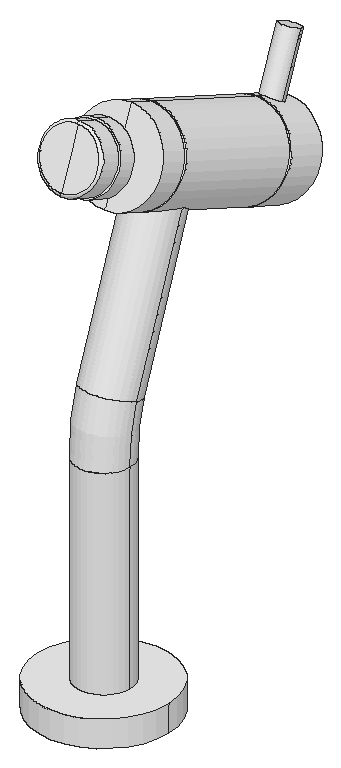
Revit family "Deca_Torneira Cozinha Link_1159.C.LNK_ Bica Móvel Curta Parede", category Plumbing Fixtures, host Face, Revit 2010
Parameters (values of type "1159.C.LNK_Cromado CR10")
  WFU = 0
  Vendido Separadamente = ""
  Variações de COR = "Cromado (1159.C.LNK)."  # constant formula
  URL = "www.deca.com.br/produtos"
  Torneira = Deca CR10 Cromado Metal
  Segmento = "Competitivo"  # constant formula
  Raio Água Fria = 7.5 mm  # constant formula
  Produto = "Torneira Cozinha bica móvel curta Parede"  # constant formula
  Pressão = "2 A 40 mca"  # constant formula
  Peso Liquido (Kg) = 0.62
  Norma = "ABNT NBR 10281: 2003"  # constant formula
  Model = Código  # "1159.C.LNK"
  Max-Min [instance] = if(Altura de instalação 170 a 220mm > 220 mm, 220 mm, if(Altura de instalação 170 a 220mm < 170 mm, 170 mm, Altura de instalação 170 a 220mm))  # 220 mm
  Material = "Deca_Latão Cromado e Plástico de Engenharia"  # constant formula
  Manufacturer = "Deca"  # constant formula
  Louça/Metais = "Metal"  # constant formula
  Linha = "Link"  # constant formula
  Informações Complementares = "Mecanismo: 1/4 de volta"  # constant formula
  HWFU = 0
  Flow Pressure = 0.00 psi
  Diâmetro Água Fria = Raio Água Fria * 2  # 15 mm
  Description = "Torneira Cozinha parede"  # constant formula
  Default Elevation = 800 mm
  Código = "1159.C.LNK"  # constant formula
  Criado por = "Contino/quattroD"  # constant formula
  Consumo = "Varia com a pressão"  # constant formula
  CWFU = 0
  Atendimento ao Cliente = "0800-011-7073"  # constant formula
  Assembly Code = "D2020"
  Aprovado por = "Contino/quattroD"  # constant formula
  Altura de instalação 170 a 220mm [instance] = 250 mm
  Acompanha o Produto = ""
Reference planes
  plane 1 "Center (Front/Back)": y = -124.292
  plane 2: z = 0
  plane 3 "Center (Left/Right)": x = -1.348
  plane 4 "Left 1": x = -26.501
  plane 5 "Right 1": x = 23.825
  plane 6 "Top 1": y = 95.708
  plane 7 "Top 2": y = 189.533
  plane 8 "Front 1": z = 208.002
Dimensions and locks
  plane 4 "Left 1" to plane 5 "Right 1" = 50.326 mm  (x2)
  "Max-Min": plane 6 "Top 1" to plane 1 "Center (Front/Back)"
  plane 7 "Top 2" to plane 6 "Top 1" = 93.824 mm
  plane 8 "Front 1" to plane 2 = 208.002 mm  (x2)
  plane 1 "Center (Front/Back)" to plane 6 "Top 1" = 220 mm
  plane 6 "Top 1" to plane 7 "Top 2" = 93.824 mm
  aligned and locked: host face to plane 2
  aligned and locked: level to host face
  aligned and locked: nested 1 to plane 6 "Top 1"
Automatic sketch dimensions
  host sketch curve to host sketch curve = 201.533 mm
  host sketch curve to host sketch curve = 468.211 mm
Nested families
  nested 1: "Deca_Shared_Torneira Cozinha Link_1159.C.LNK_ Bica Móvel Curta Parede" at (-1.348, 97.427, 0), Misturador <- "Torneira", type "1159.C.LNK_Cromado CR10"
    with Misturador Deca CR10 Cromado Metal
Connectors
  piping at (-1.348, 95.708, 0), driven by "Raio Água Fria", driven by "Flow Pressure", driven by "CWFU"
    settings: on nested 1, index 1, connector radius 0.29528", flow factor 0, pipe flow 0 GPM, pressure drop 0.00 psi, fitting loss kfactor 0, connector angle 0.00°, fixture units 0, engagement length 0 mm, flow configuration 3, flow direction 1, fitting loss method 4, system type 20, joint type 0, gender type 0, connector reference index -1, connector utility 0, adjustable connector no, is connector primary yes, fitting loss table "", connector description ""
Definition of nested family "Deca_Shared_Torneira Cozinha Link_1159.C.LNK_ Bica Móvel Curta Parede"
  Parameters (values of type "1159.C.LNK_Cromado CR10")
    URL = ""
    Type Comments = ""
    Model = ""
    Misturador [instance] = none
    Manufacturer = ""
    Description = ""
    Assembly Code = ""
  Reference planes
    plane 1 "Center (Front/Back)": y = -1.719
    plane 2: z = 0
    plane 3 "Center (Left/Right)": x = 0
    plane 4 "Front 1": z = 208.032
    plane 5 "Right 1": x = 17.118
    plane 6 "Left 1": x = -17.118
    plane 7 "Top 1": y = 92.064
  Forms (mm)
    Extrusion 1, solid, material <- "Misturador"
      sketch origin (0, -1.719, 0) x (1, 0, 0) y (0, 1, 0)
        loop
          circle (0, 0) r 25.173
      from 0 to 10.14
    Revolve 2, solid, material <- "Misturador"
      sketch origin (0, -1.375, -0.041) x (0, 1, 0) y (0, 0, 1)
        loop
          line (12.956, 203.508) -> (8.604, 192.736) -> (7.473, 192.208)
          arc (7.473, 192.208) -> (6.828, 192.029) -> (6.169, 192.14) r 1.545
          line (6.169, 192.14) -> (4.585, 192.779)
          arc (4.585, 192.779) -> (3.967, 193.245) -> (3.665, 193.957) r 1.494
          line (3.665, 193.957) -> (2.394, 203.001) -> (-3.677, 205.454) -> (-4.206, 204.147) -> (-4.931, 204.44) -> (-4.629, 205.187) -> (-11.583, 207.997)
          arc (-11.583, 207.997) -> (-12.194, 207.81) -> (-12.596, 207.313) r 1.093
          line (-12.596, 207.313) -> (-16.743, 197.05) -> (82.664, 156.891) -> (89.075, 172.759) -> (74.476, 178.657) -> (69.756, 166.972) -> (68.635, 167.425) -> (73.356, 179.109) -> (23.879, 199.097) -> (21.699, 193.702) -> (20.486, 194.192) -> (22.665, 199.586) -> (12.956, 203.508)
        axis (82.663, 156.888) -> (-16.744, 197.047)
      angle from 0 to 360
    Sweep 3, solid, material <- "Misturador"
      path origin (0, -1.719, 0) x (0, 1, 0) y (0, 0, 1)
        loop
          line (0, 10.14) -> (0, 86.742)
          arc (0, 86.742) -> (0.815, 97.525) -> (3.24, 108.064) r 71.774
          line (3.24, 108.064) -> (25.322, 165.588)
      profile origin (0, -1.719, 48.441) x (0, -1, 0) y (1, 0, 0)
        loop
          circle (0, 0) r 10.283
    Extrusion 4, solid, material <- "Misturador"
      sketch origin (0, 79.251, 200.504) x (0, -0.927184, 0.374607) y (1, 0, 0)
        loop
          circle (-9.913, 0) r 4.012
      from -23.38 to -0.149
  Lines and regions (mm)
    Masking region 1
      outline origin (0, 0, 0) x (1, 0, 0) y (0, 1, 0)
        loop
          line (17.108, 16.747) -> (17.108, 64.939)
          arc (17.108, 64.939) -> (17.111, 65.346) -> (17.023, 65.743) r 1.814
          arc (17.023, 65.743) -> (17.12, 66.365) -> (17.118, 66.995) r 3.994
          line (17.118, 66.995) -> (17.118, 81.342)
          arc (17.118, 81.342) -> (15.671, 83.309) -> (13.704, 84.755) r 8.094
          arc (13.704, 84.755) -> (8.947, 86.392) -> (3.977, 87.181) r 28.955
          line (3.977, 87.181) -> (3.977, 88.355)
          arc (3.977, 88.355) -> (2.721, 90.995) -> (0, 92.064) r 3.978
          arc (0, 92.064) -> (-2.721, 90.995) -> (-3.977, 88.355) r 3.978
          line (-3.977, 88.355) -> (-3.977, 87.181)
          arc (-3.977, 87.181) -> (-8.947, 86.392) -> (-13.704, 84.755) r 28.955
          arc (-13.704, 84.755) -> (-15.671, 83.309) -> (-17.118, 81.342) r 8.094
          line (-17.118, 81.342) -> (-17.118, 66.995)
          arc (-17.118, 66.995) -> (-17.12, 66.365) -> (-17.023, 65.743) r 3.994
          arc (-17.023, 65.743) -> (-17.111, 65.346) -> (-17.108, 64.939) r 1.814
          line (-17.108, 64.939) -> (-17.108, 16.747)
          arc (-17.108, 16.747) -> (0, -26.891) -> (17.108, 16.747) r 25.173
    Masking region 2
      outline origin (0, -1.719, 0) x (1, 0, 0) y (0, 0, 1)
        loop
          line (0, 0) -> (25.173, 0) -> (25.173, 10.14) -> (10.396, 10.14) -> (10.396, 144.28)
          arc (10.396, 144.28) -> (14.58, 148.821) -> (17.118, 154.451) r 19.323
          line (17.118, 154.451) -> (17.118, 187.613)
          arc (17.118, 187.613) -> (15.719, 194.013) -> (11.779, 199.246) r 15.344
          arc (11.779, 199.246) -> (7.417, 205.687) -> (0, 208.032) r 11.841
          arc (0, 208.032) -> (-7.417, 205.687) -> (-11.779, 199.246) r 11.841
          arc (-11.779, 199.246) -> (-15.719, 194.013) -> (-17.118, 187.613) r 15.344
          line (-17.118, 187.613) -> (-17.118, 154.451)
          arc (-17.118, 154.451) -> (-14.58, 148.821) -> (-10.396, 144.28) r 19.323
          line (-10.396, 144.28) -> (-10.396, 10.14) -> (-25.173, 10.14) -> (-25.173, 0) -> (0, 0)
    Masking region 3
      outline origin (0, 0, 0) x (0, 1, 0) y (0, 0, 1)
        loop
          line (23.454, 0) -> (23.454, 10.14) -> (8.678, 10.14) -> (8.678, 86.594)
          arc (8.678, 86.594) -> (9.942, 99.179) -> (13.547, 111.303) r 67.049
          line (13.547, 111.303) -> (32.402, 158.037) -> (58.813, 147.367) -> (63.528, 159.037) -> (64.649, 158.584) -> (59.934, 146.914) -> (74.532, 141.016) -> (87.356, 172.759) -> (83.563, 174.292) -> (92.043, 195.281) -> (84.667, 198.261) -> (76.187, 177.271) -> (72.8, 178.64) -> (68.073, 166.94) -> (66.91, 167.41) -> (71.637, 179.109) -> (22.164, 199.096) -> (19.943, 193.605) -> (18.726, 194.096) -> (20.949, 199.592) -> (11.233, 203.512) -> (6.882, 192.728) -> (5.762, 192.217)
          arc (5.762, 192.217) -> (5.119, 192.027) -> (4.458, 192.134) r 1.509
          line (4.458, 192.134) -> (2.871, 192.775)
          arc (2.871, 192.775) -> (2.251, 193.24) -> (1.944, 193.952) r 1.509
          line (1.944, 193.952) -> (0.674, 202.998) -> (-5.396, 205.454) -> (-5.937, 204.118) -> (-6.071, 205.076) -> (-13.206, 207.958)
          arc (-13.206, 207.958) -> (-13.871, 207.826) -> (-14.315, 207.313) r 1.046
          line (-14.315, 207.313) -> (-22.608, 186.786)
          arc (-22.608, 186.786) -> (-22.672, 186.154) -> (-22.367, 185.596) r 1.072
          line (-22.367, 185.596) -> (-15.119, 182.668) -> (-14.364, 183.258) -> (-14.901, 181.928) -> (-8.829, 179.478) -> (-1.631, 185.103)
          arc (-1.631, 185.103) -> (-0.916, 185.402) -> (-0.146, 185.306) r 1.509
          line (-0.146, 185.306) -> (1.44, 184.665)
          arc (1.44, 184.665) -> (1.99, 184.282) -> (2.32, 183.699) r 1.509
          line (2.32, 183.699) -> (2.772, 182.552) -> (-1.586, 171.767) -> (8.123, 167.844) -> (10.311, 173.262) -> (11.525, 172.771) -> (9.336, 167.354) -> (13.123, 165.824) -> (-1.719, 129.089)
          arc (-1.719, 129.089) -> (-9.478, 108.468) -> (-12.115, 86.594) r 92.049
          line (-12.115, 86.594) -> (-12.115, 10.14) -> (-26.891, 10.14) -> (-26.891, 0) -> (23.454, 0)
    symbolic lines
      curve 1: line (-3.977, 88.355, 0) -> (-3.977, 79.7, 0)
      curve 2: line (3.977, 79.7, 0) -> (3.977, 88.355, 0)
      curve 3: arc (-3.977, 88.355, 0) -> (0, 84.378, 0) -> (3.977, 88.355, 0) r 3.977
      curve 4: arc (-3.977, 79.7, 0) -> (0, 75.722, 0) -> (3.977, 79.7, 0) r 3.977
      curve 5: arc (0, 72.743, 0) -> (-4.464, 72.526, 0) -> (-8.876, 71.81, 0) r 39.758
      curve 6: arc (-8.876, 71.81, 0) -> (-11.913, 70.897, 0) -> (-14.781, 69.543, 0) r 21.26
      curve 7: arc (-14.781, 69.543, 0) -> (-16.298, 68.188, 0) -> (-17.118, 66.327, 0) r 4.802
      curve 8: arc (0, 72.743, 0) -> (4.464, 72.526, 0) -> (8.876, 71.81, 0) r 39.758
      curve 9: arc (8.876, 71.81, 0) -> (11.913, 70.897, 0) -> (14.781, 69.543, 0) r 21.26
      curve 10: arc (14.781, 69.543, 0) -> (16.298, 68.188, 0) -> (17.118, 66.327, 0) r 4.802
      curve 11: arc (0, 22.145, 0) -> (-5.012, 21.939, 0) -> (-9.925, 20.927, 0) r 31.022
      curve 12: arc (-9.925, 20.927, 0) -> (-12.798, 19.874, 0) -> (-15.502, 18.444, 0) r 22.707
      curve 13: arc (0, 22.145, 0) -> (5.012, 21.939, 0) -> (9.925, 20.927, 0) r 31.022
      curve 14: arc (9.925, 20.927, 0) -> (12.798, 19.874, 0) -> (15.502, 18.444, 0) r 22.707
      curve 15: arc (15.502, 18.444, 0) -> (16.769, 16.996, 0) -> (17.003, 15.088, 0) r 3.271
      curve 16: arc (0, 11.223, 0) -> (-5.663, 10.997, 0) -> (-11.119, 9.461, 0) r 24.223
      curve 17: arc (-11.119, 9.461, 0) -> (-14.622, 8.083, 0) -> (-17.115, 5.263, 0) r 8.051
      curve 18: arc (0, 11.223, 0) -> (5.663, 10.997, 0) -> (11.119, 9.461, 0) r 24.223
      curve 19: arc (11.119, 9.461, 0) -> (14.622, 8.083, 0) -> (17.116, 5.263, 0) r 8.051
      curve 20: line (-17.115, 14.446, 0) -> (-17.115, 4.826, 0)
      curve 21: line (17.116, 14.444, 0) -> (17.116, 4.826, 0)
      curve 22: line (17.003, 15.088, 0) -> (17.116, 14.444, 0)
      curve 23: line (-4.028, 2.949, 0) -> (-4.028, 1.363, 0)
      curve 24: line (4.028, 1.363, 0) -> (4.028, 2.949, 0)
      curve 25: arc (-4.028, 2.949, 0) -> (-4.675, 3.662, 0) -> (-5.388, 4.309, 0) r 10.082
      curve 26: arc (-5.388, 4.309, 0) -> (-5.357, 5.204, 0) -> (-4.758, 5.869, 0) r 1.306
      curve 27: arc (-4.758, 5.869, 0) -> (-2.449, 6.707, 0) -> (0, 6.88, 0) r 8.87
      curve 28: line (4.028, 2.949, 0) -> (4.028, 1.363, 0)
      curve 29: arc (4.028, 2.949, 0) -> (4.675, 3.662, 0) -> (5.388, 4.309, 0) r 10.082
      curve 30: arc (5.388, 4.309, 0) -> (5.357, 5.204, 0) -> (4.758, 5.869, 0) r 1.306
      curve 31: arc (4.758, 5.869, 0) -> (2.449, 6.707, 0) -> (0, 6.88, 0) r 8.87
      curve 32: arc (-4.028, 2.949, 0) -> (-3.282, 3.832, 0) -> (-2.197, 4.231, 0) r 2.262
      curve 33: arc (-2.197, 4.231, 0) -> (-1.104, 4.388, 0) -> (0, 4.438, 0) r 11.292
      curve 34: arc (4.028, 2.949, 0) -> (3.282, 3.832, 0) -> (2.197, 4.231, 0) r 2.262
      curve 35: arc (2.197, 4.231, 0) -> (1.104, 4.388, 0) -> (0, 4.438, 0) r 11.292
      curve 36: line (-8.97, -0.723, 0) -> (-4.028, 1.363, 0)
      curve 37: arc (-4.028, 1.363, 0) -> (-2.051, 1.912, 0) -> (0, 1.943, 0) r 8.026
      curve 38: line (9.036, -0.751, 0) -> (4.028, 1.363, 0)
      curve 39: arc (4.028, 1.363, 0) -> (2.051, 1.912, 0) -> (0, 1.943, 0) r 8.026
      curve 40: arc (-8.97, -0.723, 0) -> (0.036, 0.668, 0) -> (9.036, -0.751, 0) r 29.54
      curve 41: arc (-8.97, -0.723, 0) -> (-11.19, -2.217, 0) -> (-12.684, -4.437, 0) r 6.975
      curve 42: arc (8.97, -0.723, 0) -> (11.193, -2.22, 0) -> (12.687, -4.445, 0) r 6.975
      curve 43: line (-12.684, -4.437, 0) -> (-12.684, -10.148, 0)
      curve 44: line (12.687, -10.148, 0) -> (12.687, -4.445, 0)
      curve 45: arc (-12.083, -17.831, 0) -> (-10.38, -15.592, 0) -> (-7.835, -14.391, 0) r 5.918
      curve 46: arc (-7.835, -14.391, 0) -> (-3.956, -13.574, 0) -> (0, -13.315, 0) r 27.915
      curve 47: arc (12.083, -17.831, 0) -> (10.38, -15.592, 0) -> (7.835, -14.391, 0) r 5.918
      curve 48: arc (7.835, -14.391, 0) -> (3.956, -13.574, 0) -> (0, -13.315, 0) r 27.915
      curve 49: spline (11.048, -18.398, 0) -> (10.671, -17.341, 0) -> (9.568, -16.356, 0) -> (7.812, -15.511, 0) -> (5.524, -14.862, 0) -> (2.859, -14.454, 0) -> (0, -14.315, 0) -> (-2.859, -14.454, 0) -> (-5.524, -14.862, 0) -> (-7.812, -15.511, 0) -> (-9.568, -16.356, 0) -> (-10.671, -17.341, 0) -> (-11.048, -18.398, 0) -> (-10.671, -19.455, 0) -> (-9.568, -20.44, 0) -> (-7.812, -21.286, 0) -> (-5.524, -21.935, 0) -> (-2.859, -22.343, 0) -> (0, -22.482, 0) -> (2.859, -22.343, 0) -> (5.524, -21.935, 0) -> (7.812, -21.286, 0) -> (9.568, -20.44, 0) -> (10.671, -19.455, 0) -> (11.048, -18.398, 0)
      curve 50: arc (-17.115, 4.826, 0) -> (-13.684, 1.11, 0) -> (-8.97, -0.723, 0) r 11.225
      curve 51: arc (17.116, 4.826, 0) -> (13.684, 1.11, 0) -> (8.97, -0.723, 0) r 11.225
      curve 52: line (-10.396, -0.421, 0) -> (-10.396, -1.535, 0)
      curve 53: line (10.396, -1.535, 0) -> (10.396, -0.421, 0)
      curve 54: arc (-12.684, -10.148, 0) -> (-12.525, -10.829, 0) -> (-12.083, -11.37, 0) r 1.544
      curve 55: line (-12.083, -11.37, 0) -> (-12.083, -17.831, 0)
      curve 56: arc (12.684, -10.148, 0) -> (12.525, -10.829, 0) -> (12.083, -11.37, 0) r 1.544
      curve 57: line (12.083, -11.37, 0) -> (12.083, -18.383, 0)
      curve 58: arc (-12.083, -11.37, 0) -> (-10.856, -8.408, 0) -> (-7.894, -7.181, 0) r 4.189
      curve 59: arc (-7.894, -7.181, 0) -> (-4.005, -6.217, 0) -> (0, -6.089, 0) r 18.997
      curve 60: arc (12.083, -11.37, 0) -> (10.856, -8.408, 0) -> (7.894, -7.181, 0) r 4.189
      curve 61: arc (7.894, -7.181, 0) -> (4.005, -6.217, 0) -> (0, -6.089, 0) r 18.997
      curve 62: spline (12.083, -18.383, 0) -> (11.631, -19.761, 0) -> (10.369, -21.025, 0) -> (8.386, -22.085, 0) -> (5.819, -22.869, 0) -> (2.847, -23.321, 0) -> (-0.323, -23.41, 0) -> (-3.47, -23.131, 0) -> (-6.376, -22.501, 0) -> (-8.838, -21.566, 0) -> (-10.686, -20.39, 0) -> (-11.789, -19.055, 0) -> (-12.072, -17.654, 0)
      curve 63: spline (12.083, -18.276, 0) -> (12.083, -18.285, 0) -> (12.083, -18.294, 0) -> (12.083, -18.303, 0) -> (12.083, -18.312, 0) -> (12.083, -18.32, 0) -> (12.083, -18.329, 0) -> (12.083, -18.338, 0) -> (12.083, -18.347, 0) -> (12.083, -18.356, 0) -> (12.083, -18.365, 0) -> (12.083, -18.374, 0) -> (12.083, -18.383, 0)
      curve 64: line (-10.396, -1.719, 10.14) -> (10.396, -1.719, 10.14)
      curve 65: line (-10.396, -1.719, 86.594) -> (10.396, -1.719, 86.594)
      curve 66: arc (-10.396, -1.719, 144.28) -> (0, -1.719, 141.015) -> (10.396, -1.719, 144.28) r 18.184
      curve 67: arc (0, -1.719, 172.759) -> (-11.885, -1.719, 168.411) -> (-17.118, -1.719, 156.888) r 16.371
      curve 68: arc (0, -1.719, 174.292) -> (-2.147, -1.719, 174.234) -> (-3.977, -1.719, 175.358) r 3.773
      curve 69: arc (-17.118, -1.719, 162.785) -> (-13.471, -1.719, 172.898) -> (-4.337, -1.719, 178.568) r 16.367
      curve 70: line (-3.977, -1.719, 175.358) -> (-3.977, -1.719, 196.771)
      curve 71: arc (0, -1.719, 198.261) -> (-2.191, -1.719, 198.056) -> (-3.977, -1.719, 196.771) r 4.196
      curve 72: arc (0, -1.719, 195.273) -> (-2.165, -1.719, 195.554) -> (-3.977, -1.719, 196.771) r 4.763
      curve 73: arc (-17.118, -1.719, 183.716) -> (-11.587, -1.719, 194.767) -> (0, -1.719, 199.061) r 16.829
      curve 74: arc (0, -1.719, 203.471) -> (-6.244, -1.719, 202.418) -> (-11.759, -1.719, 199.308) r 18.373
      curve 75: arc (0, -1.719, 205.454) -> (-5.748, -1.719, 204.16) -> (-10.283, -1.719, 200.4) r 12.628
      curve 76: arc (0, -1.719, 172.759) -> (11.885, -1.719, 168.411) -> (17.118, -1.719, 156.888) r 16.371
      curve 77: arc (0, -1.719, 174.292) -> (2.147, -1.719, 174.234) -> (3.977, -1.719, 175.358) r 3.773
      curve 78: arc (17.118, -1.719, 162.785) -> (13.471, -1.719, 172.898) -> (4.337, -1.719, 178.568) r 16.367
      curve 79: line (3.977, -1.719, 175.358) -> (3.977, -1.719, 196.771)
      curve 80: arc (0, -1.719, 198.261) -> (2.191, -1.719, 198.056) -> (3.977, -1.719, 196.771) r 4.196
      curve 81: arc (0, -1.719, 195.273) -> (2.165, -1.719, 195.554) -> (3.977, -1.719, 196.771) r 4.763
      curve 82: arc (17.118, -1.719, 183.716) -> (11.587, -1.719, 194.767) -> (0, -1.719, 199.061) r 16.829
      curve 83: arc (0, -1.719, 203.471) -> (6.244, -1.719, 202.418) -> (11.759, -1.719, 199.308) r 18.373
      curve 84: arc (0, -1.719, 205.454) -> (5.748, -1.719, 204.16) -> (10.283, -1.719, 200.4) r 12.628
      curve 87: line (0, 0.674, 202.998) -> (0, -8.829, 179.478)
      curve 88: line (0, -1.64, 185.096) -> (0, 1.943, 193.963)
      curve 89: line (0, 6.882, 192.728) -> (0, 2.772, 182.553)
      curve 90: line (0, 18.76, 194.174) -> (0, 10.309, 173.257)
      curve 91: line (0, 19.973, 193.684) -> (0, 11.522, 172.767)
      curve 92: line (0, 68.043, 166.987) -> (0, 64.65, 158.587)
      curve 93: line (0, 66.922, 167.439) -> (0, 63.529, 159.04)
      curve 94: arc (0, 76.187, 177.271) -> (0, 79.698, 175.343) -> (0, 83.563, 174.292) r 16.969
      curve 95: arc (0, 32.396, 158.021) -> (0, 24.018, 165.271) -> (0, 12.956, 165.875) r 17.124
      curve 96: line (0, 8.678, 86.594) -> (0, -12.115, 86.594)
      curve 97: line (0, 8.678, 10.14) -> (0, -12.115, 10.14)
      curve 98: line (0, -14.375, 183.23) -> (0, -5.924, 204.147)
      curve 99: arc (17.108, 16.747, 0) -> (16.72, 17.231, 0) -> (16.33, 17.713, 0) r 149.601
      curve 100: arc (-15.502, 18.444, 0) -> (-16.769, 16.996, 0) -> (-17.003, 15.088, 0) r 3.271
      curve 101: line (-17.003, 15.088, 0) -> (-17.115, 14.446, 0)
      curve 102: arc (-17.108, 16.747, 0) -> (-16.72, 17.231, 0) -> (-16.33, 17.713, 0) r 149.601
    model lines
      curve 85: line (0, -5.924, 204.147) -> (0, -14.375, 183.23)
      curve 86: line (0, -14.842, 183.419) -> (0, -6.391, 204.336)
